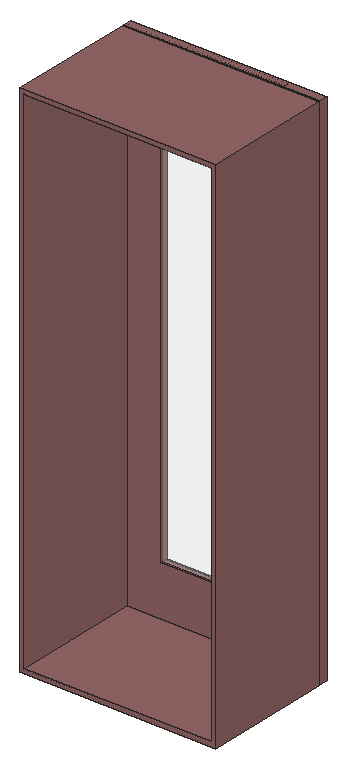
Revit family "FeuerloescherSchrank-Familie", category Sonderausstattung, Revit 2017
Family settings
  Basisbauteil = Wand
  Bemaßung runder Anschluss = Durchmesser verwenden
  Teiletyp = Normal
  OmniClass-Nummer = 23.65.70.17.11
  OmniClass-Titel = Fire Fighting Terminal Components
  Immer vertikal = Ja
  Beim Laden mit Abzugskörper schneiden = Nein
  Gemeinsam genutzt = Nein
  Raumberechnungspunkt = Nein
Parameters (values of type "55B")
  Typenbild = 8A-34B.jpg
  Schrankmaterial = Metall - Oberfläche bemalt - Indian Red, Matt
  Tiefe = 215.00 mm
  Loescheinheit = 3
  Kosten = 60
  Glasscheibenmaterial = Glas
  Höhe = 813.00 mm
  Höhe Montage = 915.00 mm
  Breite = 305.00 mm
Types (7, lengths in mm): name | Typenbild | Tiefe | Loescheinheit | Kosten | Höhe | Breite
  (no name) | 8A-34B.jpg | 215.00 | 3 | 60 | 813.00 | 305.00
  240 x 115 x 610mm | <Keine Auswahl> | 115.00 | 0 | 0 | 610.00 | 240.00
  280 x 152 x 660mm | <Keine Auswahl> | 152.00 | 0 | 0 | 660.00 | 280.00
  305 x 215 x 813mm | <Keine Auswahl> | 215.00 | 0 | 0 | 813.00 | 305.00
  5A/21B | 5A-21B.jpg | 215.00 | 1 | 20 | 813.00 | 305.00
  8A/34B | 8A-34B.jpg | 215.00 | 2 | 40 | 813.00 | 305.00
  55B | 8A-34B.jpg | 215.00 | 3 | 60 | 813.00 | 305.00
Reference planes
  plane 1: y = 0
  plane 2 "Mitte": x = -109.648
  plane 3: x = 42.852
  plane 4: x = -262.148
  plane 5: z = 1728
  plane 6: x = -14.298
  plane 7: x = -204.998
  plane 8: z = 915
  plane 9: y = 291.2
  plane 10: y = 76.2
  plane 11: y = 275.325
Forms (mm)
  Extrusion 1, solid, material "Metall - Oberfläche bemalt - Indian Red, Matt" <- "Schrankmaterial"
    sketch origin (0, 291.2, 0) x (0, 0, -1) y (-1, 0, 0)
      loop
        line (-1728, -42.852) -> (-915, -42.852) -> (-915, 262.148) -> (-1728, 262.148) -> (-1728, -42.852)
      loop
        line (-1645.45, 14.298) -> (-997.55, 14.298) -> (-997.55, 204.998) -> (-1645.45, 204.998) -> (-1645.45, 14.298)
    from 0 to -12.7
  Extrusion 2, solid, material "Glas" <- "Glasscheibenmaterial"
    sketch origin (0, 291.2, 0) x (0, 0, -1) y (-1, 0, 0)
      loop
        line (-1728, 14.298) -> (-997.55, 14.298) -> (-997.55, 262.148) -> (-1728, 262.148) -> (-1728, 14.298)
    from -3.175 to -9.525
  Extrusion 3, solid, material "Metall - Oberfläche bemalt - Indian Red, Matt" <- "Schrankmaterial"
    sketch origin (0, 76.2, 0) x (0, 0, -1) y (-1, 0, 0)
      loop
        line (-1728, -42.852) -> (-915, -42.852) -> (-915, 262.148) -> (-1728, 262.148) -> (-1728, -42.852)
      loop
        line (-1721.65, -36.502) -> (-921.35, -36.502) -> (-921.35, 255.798) -> (-1721.65, 255.798) -> (-1721.65, -36.502)
    from 0 to 199.125
Lines and regions (mm)
  symbolic lines
    curve 1: line (-262.148, 275.325, 0) -> (42.852, 275.325, 0)
    curve 2: line (-262.148, 288.025, 0) -> (42.852, 288.025, 0)
    curve 3: line (-262.148, 76.2, 0) -> (-262.148, 288.025, 0)
    curve 4: line (42.852, 76.2, 0) -> (-262.148, 76.2, 0)
    curve 5: line (42.852, 288.025, 0) -> (42.852, 76.2, 0)
Text (mm)
  text "Front" at (0, 1019.848, 3124.603), in view "Rechts"
  text "Front" at (-811.708, 558.621, 0), in view "Ref.-Ebene"
  text "Front" at (0, 983.686, 2265.984), in view "Links"
Dimensions and locks
  "Breite": plane 3 to plane 4
  equal spacing: plane 3, plane 2 "Mitte", plane 4
  locked: plane 3 to plane 6 at 57.15
  locked: plane 7 to plane 4 at 57.15
  "Höhe Montage": host wall to plane 8
  "Höhe": plane 8 to plane 5
  "Tiefe": plane 9 to plane 10
  locked: plane 9 to plane 11 at 15.875
  aligned and locked: host wall to curve 4
  aligned and locked: plane 10 to host wall
  aligned and locked: plane 11 to Extrusion 3
Automatic sketch dimensions
  curve 1 to plane 4 = 0.00 mm
  curve 4 to plane 3 = 0.00 mm
  curve 1 to curve 2 = 12.70 mm
  Extrusion 1 sketch curve to plane 4 = 0.00 mm
  Extrusion 1 sketch curve to plane 5 = 0.00 mm
  Extrusion 1 sketch curve to plane 6 = 0.00 mm
  Extrusion 1 sketch curve to plane 7 = 0.00 mm
  Extrusion 1 sketch curve to plane 8 = 0.00 mm
  Extrusion 1 sketch curve to plane 3 = 0.00 mm
  plane 5 to Extrusion 1 sketch curve = 82.55 mm
  Extrusion 1 sketch curve to plane 8 = 82.55 mm
  Extrusion 2 sketch curve to plane 7 = 57.15 mm
  Extrusion 2 sketch curve to plane 6 = 0.00 mm
  plane 5 to Extrusion 2 sketch curve = 0.00 mm
  Extrusion 2 sketch curve to plane 8 = 82.55 mm
  curve 1 to plane 11 = 0.00 mm
  Extrusion 3 sketch curve to plane 4 = 0.00 mm
  Extrusion 3 sketch curve to plane 5 = 0.00 mm
  Extrusion 3 sketch curve to plane 8 = 0.00 mm
  Extrusion 3 sketch curve to plane 3 = 0.00 mm
  plane 5 to Extrusion 3 sketch curve = 6.35 mm
  Extrusion 3 sketch curve to plane 8 = 6.35 mm
  Extrusion 3 sketch curve to plane 3 = 6.35 mm
  plane 4 to Extrusion 3 sketch curve = 6.35 mm
